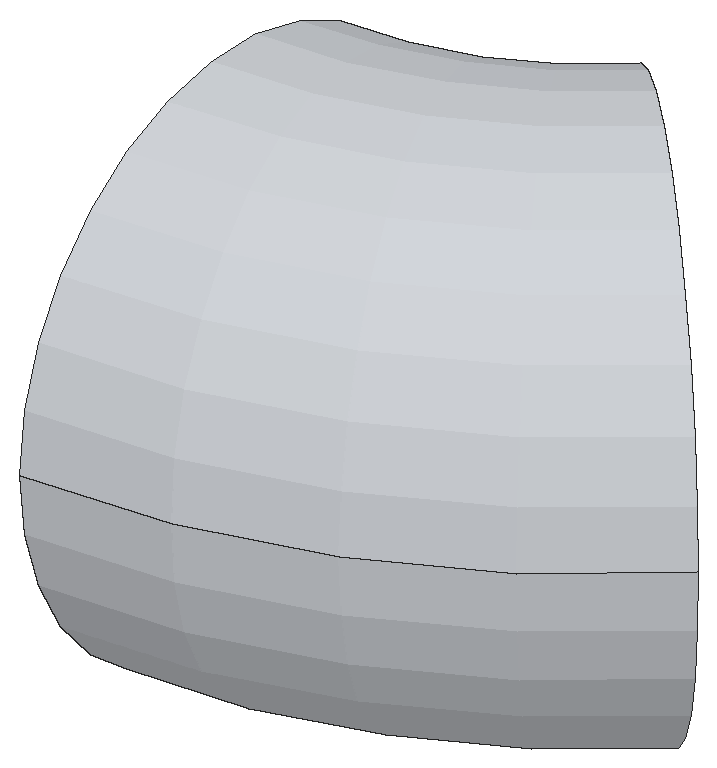
Revit family "Bogen Stahl - Bauart 2 - DIN2605", category Rohrformteile, Revit 2016
Family settings
  Teiletyp = Bogen
  Bemaßung runder Anschluss = Radius verwenden
  OmniClass-Nummer = 23.60.30.11.14
  OmniClass-Titel = Pipework Fittings
  Arbeitsebenenbasiert = Nein
  Immer vertikal = Ja
  Beim Laden mit Abzugskörper schneiden = Nein
  Gemeinsam genutzt = Nein
Parameters (values of type "Allgemein")
  DN [instance] = size_lookup(Name der Abruftabelle, "ORad", Nenndurchmesser, Nenndurchmesser)  # 60.3 mm
  Außenradius [instance] = DN / 2  # 30.15 mm
  Nennradius [instance] = 25 mm
  Nenndurchmesser [instance] = Nennradius * 2  # 50 mm
  Verlustberechnungsmethode = K-Koeffizient aus Tabelle
  Name der Abruftabelle = "Elbow Steel DIN 2605"
  Länge 2 [instance] = Bogenradius - Bogenradius * cos(Winkel)  # 14.938 mm
  Länge 1 [instance] = Bogenradius * sin(Winkel)  # 36.062 mm
  K-Koeffizient-Tabelle = "Regular 45, 90 and 180 Elbow"
  Abstand Mittelpunkt Ende [instance] = Radius 1 * tan(Winkel / 2)  # 21.125 mm
  Radius 1 [instance] = if(Bogenradius < Außenradius + 1 mm, Außenradius + 1 mm, Bogenradius)  # 51 mm
  Bogenradius [instance] = size_lookup(Name der Abruftabelle, "CRad2", Nenndurchmesser, Nenndurchmesser)  # 51 mm
  Winkel [instance] = 45.00°
Reference planes
  plane 1 "Mitte (Vorne/Hinten)": y = 0
  plane 2: z = 0
  plane 3 "Mitte (Links/Rechts)": x = 0
  plane 4: x = -21.125
  plane 5: y = 51
  plane 6: y = 25
  plane 7: y = -25
  plane 8: z = 25
  plane 9: z = -25
  plane 10: x = 14.938
  plane 11: y = 14.938
Forms (mm)
  Sweep 1, solid, detail levels fine
    path in 3D
      loop
        arc (-21.125, 0, 0) -> (-1.608, 3.882, 0) -> (14.938, 14.938, 0) r 51
    profile origin (-1.608, 3.882, 0) x (-0.382683, 0.92388, 0) y (0, 0, 1)
      loop
        circle (0, 0) r 30.15
Lines and regions (mm)
  reference lines
    curve 1: arc (-21.125, 0, 0) -> (-1.608, 3.882, 0) -> (14.938, 14.938, 0) r 51
    curve 6: line (-21.125, 51, 0) -> (13.16, 16.715, 0)
    curve 7: line (-21.125, 51, 0) -> (12.045, 84.17, 0)
    curve 8: line (41.911, 41.911, 0) -> (-12.792, -12.792, 0)
    curve 9: line (18.785, 54.14, 0) -> (1.107, 36.463, 0)
    curve 10: line (54.14, 18.785, 0) -> (36.463, 1.107, 0)
    curve 14: line (-21.125, 51, 0) -> (-21.125, 0, 0)
  sketch lines
    curve 2: arc (-21.125, 0, 0) -> (-1.608, 3.882, 0) -> (14.938, 14.938, 0) r 51
  model lines, style "Symbol", detail levels coarse+medium
    curve 3: line (-21.125, 0, 25) -> (-21.125, 0, -25)
    curve 5: line (-21.125, 25, 0) -> (-21.125, -25, 0)
    curve 12: line (-2.74, 32.615, 0) -> (32.615, -2.74, 0)
    curve 15: arc (-21.125, 0, 0) -> (-1.608, 3.882, 0) -> (14.938, 14.938, 0) r 51
    curve 16: line (14.938, 14.938, 25) -> (14.938, 14.938, -25)
  model lines, detail levels coarse+medium
    curve 4: line (-21.125, 25, 0) -> (-21.125, -25, 0)
    curve 11: line (-2.74, 32.615, 0) -> (32.615, -2.74, 0)
    curve 13: arc (-21.125, 0, 0) -> (-1.608, 3.882, 0) -> (14.938, 14.938, 0) r 51
Dimensions and locks
  "Abstand Mittelpunkt Ende": plane 4 to plane 3 "Mitte (Links/Rechts)"
  "Radius 1": plane 5 to plane 1 "Mitte (Vorne/Hinten)"
  locked: plane 5 to curve 1 at 0
  locked: plane 4 to curve 1 at 0
  "Nennradius": plane 6 to plane 1 "Mitte (Vorne/Hinten)"
  equal spacing: plane 6, plane 1 "Mitte (Vorne/Hinten)", plane 7
  "Radius 1": curve 7 to curve 8
  "Nennradius": curve 9 to curve 8
  "Nennradius": curve 8 to curve 10
  "Nennradius": plane 8 to plane 2
  "Nennradius": plane 9 to plane 2
  "Länge 1": plane 4 to plane 10
  "Länge 2": plane 11 to plane 1 "Mitte (Vorne/Hinten)"
  "Radius 1": radius of curve 1
  "Außenradius": radius of Sweep 1 sketch curve
  "Radius 1": radius of curve 13
  "Radius 1": radius of curve 15
  "Winkel": angle curve 1 to curve 1
  "Winkel": angle plane 4 to curve 6
  locked: curve 6 to curve 7 (angle 90.00°)
  locked: curve 6 to curve 8 (angle 90.00°)
  locked: curve 6 to curve 9 (angle 90.00°)
  locked: curve 6 to curve 10 (angle 90.00°)
  "Winkel": angle curve 13 to curve 13
  "Winkel": angle curve 15 to curve 15
  aligned and locked: plane 4 to curve 1
  aligned and locked: plane 1 "Mitte (Vorne/Hinten)" to curve 3
  aligned and locked: curve 4 to plane 6
  aligned and locked: curve 4 to plane 7
  aligned and locked: curve 4 to plane 4
  aligned and locked: curve 5 to plane 7
  aligned and locked: curve 5 to plane 6
  aligned and locked: curve 5 to plane 4
  aligned and locked: plane 4 to curve 6
  aligned and locked: plane 5 to curve 6
  aligned and locked: plane 4 to curve 7
  aligned and locked: plane 5 to curve 7
  aligned and locked: curve 9 to curve 11
  aligned and locked: curve 10 to curve 11
  aligned and locked: curve 6 to curve 11
  aligned and locked: curve 9 to curve 12
  aligned and locked: curve 10 to curve 12
  aligned and locked: curve 6 to curve 12
  aligned and locked: plane 4 to curve 13  (x2)
  aligned and locked: plane 1 "Mitte (Vorne/Hinten)" to curve 13
  aligned and locked: plane 5 to curve 14
  aligned and locked: curve 14 to plane 4
  aligned and locked: plane 5 to curve 15
  aligned and locked: plane 4 to curve 15  (x2)
  aligned and locked: plane 8 to curve 16
  aligned and locked: curve 16 to plane 9
  aligned and locked: curve 16 to plane 11
Automatic sketch dimensions
  curve 3 to curve 3 = 50 mm
  Sweep 1 sketch curve to profile plane = 0 mm
  profile plane to Sweep 1 sketch curve = 0 mm
  curve 8 to curve 6 = 39.215 mm
  curve 9 to curve 6 = 5.441 mm
  curve 10 to curve 6 = 5.441 mm
Connectors
  piping at (-21.125, 0, 0), diameter 50, driven by "Nennradius", driven by "Winkel"
    settings: on Sweep 1, index 1, connector inside diameter 50 mm, connector length 0 mm, flow factor 0, pipe flow 0.0 L/s, pressure drop 0.0 Pa, fitting loss kfactor 0, connector angle 45.00°, fixture units 0, engagement length 0 mm, angle of deflection 0.00°, flow configuration 0, flow direction 0, fitting loss method 0, system type 28, joint type 0, gender type 0, connector reference index 2, connector utility 0, adjustable connector no, is connector primary yes, connector description ""
  piping at (14.938, 14.938, 0), diameter 50, driven by "Nennradius", driven by "Winkel"
    settings: on Sweep 1, index 2, connector inside diameter 50 mm, connector length 0 mm, flow factor 0, pipe flow 0.0 L/s, pressure drop 0.0 Pa, fitting loss kfactor 0, connector angle 45.00°, fixture units 0, engagement length 0 mm, angle of deflection 0.00°, flow configuration 0, flow direction 0, fitting loss method 0, system type 28, joint type 0, gender type 0, connector reference index 1, connector utility 0, adjustable connector no, is connector primary no, connector description ""
